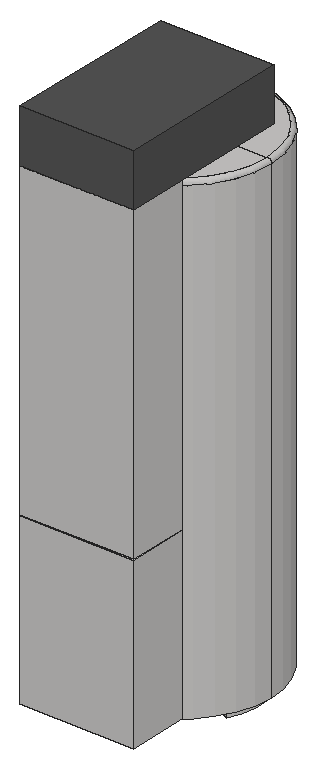
Revit family "StorageTank_Rheem_HeavyDutyGas_Outdoor_634265", category Mechanical Equipment, host Face, Revit 2020
Family settings
  Host = Face
  Round Connector Dimension = Use Diameter
  Part Type = Normal
  Cut with Voids When Loaded = No
  Shared = No
  Room Calculation Point = No
Parameters (values of type "Natural Gas")
  WeightNet_ANZRS = 144.00 kg  # constant formula
  Voltage_ANZRS = 240 V
  URL = "https://www.rheem.com.au/rheem/products/commercial"
  Type Comments = "410L first hour delivery @ 50°C rise"
  T&PRValveDiameter = 20 mm  # constant formula
  ProductCode_ANZRS = "634265"  # constant formula
  PowerFactor_ANZRS = 1
  ModifiedIssue_ANZRS = 20200723.01  # constant formula
  Model = "Rheem Heavy Duty Gas 265L - Outdoor"  # constant formula
  MinGasPressure = 1.13 kPa
  MaxWaterSupplyPressure_WithoutECV = 800.00 kPa  # constant formula
  MaxWaterSupplyPressure_WithECV = 680.00 kPa  # constant formula
  MaxStoredWaterTemperature = 82 °C  # constant formula
  Material_ANZRS = Metal-Steel-Rheem-Galvanised
  Manufacturer = "Rheem"  # constant formula
  K = 654 mm  # constant formula
  HourlyGasConsumption = 110000000 J
  Height_ANZRS = 1840 mm  # constant formula
  HWOutletDiameter = 32 mm  # constant formula
  GasConnectionDiameter = 20 mm  # constant formula
  G = 1661 mm  # constant formula
  Frequency_ANZRS = 50 Hz
  F = 340 mm  # constant formula
  E = 711 mm  # constant formula
  DrainDiameter = 20 mm  # constant formula
  Diameter_ANZRS = 610 mm  # constant formula
  Description = "Rheem Heavy Duty Gas water heaters have been designed to supply large quantities of hot water. The cylinder is protected by multiple anodes and a double layer of vitreous enamel."  # constant formula
  Default Elevation = 0 mm
  D = 1461 mm  # constant formula
  Radius = Diameter_ANZRS / 2  # 305 mm
  CreatedBy_ANZRS = "Design Content"  # constant formula
  CreatedByURL_ANZRS = "https://www.designcontent.com.au/"
  CW&PrimaryFlowDiameter = 32 mm  # constant formula
  Capacity_ANZRS = 265.0 L  # constant formula
  C = 745 mm  # constant formula
  B = Diameter_ANZRS  # 610 mm
  A = Height_ANZRS  # 1840 mm
Types (3, lengths in mm): name | Type Comments | MinGasPressure | HourlyGasConsumption
  (no name) | "410L first hour delivery @ 50°C rise" | 1.13 kPa | 110000000 J
  Natural Gas | "410L first hour delivery @ 50°C rise" | 1.13 kPa | 110000000 J
  Propane Gas | "380L first hour delivery @ 50°C rise" | 2.75 kPa | 100000000 J
Reference planes
  plane 1 "Center (Front/Back)": y = 0
  plane 2: z = 0
  plane 3 "Center (Left/Right)": x = 0
  plane 4: z = 0
  plane 5: z = 600
  plane 6 "CW Inlet": z = 711
  plane 7: z = 1661
  plane 8: z = 1840
  plane 9: x = -305
  plane 10: x = 305
  plane 11: z = 32
  plane 12: y = 305
  plane 13: y = -305
  plane 14: y = -335
  plane 15: x = 62.5
  plane 16: x = -62.5
  plane 17: y = -440
  plane 18: x = -191.5
  plane 19: x = 191.5
  plane 20: z = 57
  plane 21: through (0, 0, 1219.2) normal (0.5736, -0.8192, 0)
  plane 22: z = 1461
  plane 23: through (-286.2, -202.141, 1219.2) normal (0.809, 0.5878, 0)
  plane 24: through (-248.985, -175.103, 1219.2) normal (0.809, 0.5878, 0)
  plane 25: x = -315
  plane 26: z = 340
  plane 27 "Gas": y = -349
  plane 28: through (0, 0, 1219.2) normal (0.6691, -0.7431, 0)
  plane 29: x = -295
Forms (mm)
  Revolve 1, solid, material "Metal-Steel-Rheem-Galvanised" <- "Material_ANZRS", detail levels medium+fine
    sketch origin (0, 0, 0) x (1, 0, 0) y (0, 0, 1)
      loop
        line (0, 32) -> (305, 32) -> (305, 1661) -> (0, 1661) -> (0, 32)
      axis (0, 1661) -> (0, 32)
    angle from 0 to 360
  Extrusion 2, solid, material "Metal-Steel-Rheem-Galvanised" <- "Material_ANZRS"
    sketch origin (0, 0, 0) x (0, 1, 0) y (0, 0, 1)
      loop
        circle (0, 1461) r 16
      loop
        circle (0, 711) r 16
    from -315 to -295
  Extrusion 3, solid, material "Metal-Steel-Rheem-Galvanised" <- "Material_ANZRS"
    sketch origin (0, 0, 0) x (1, 0, 0) y (0, 1, 0)
      loop
        line (-191.5, -440) -> (191.5, -440) -> (191.5, -237.387)
        arc (191.5, -237.387) -> (0, -305) -> (-191.5, -237.387) r 305
        line (-191.5, -237.387) -> (-191.5, -440)
    from 32 to 600
  Extrusion 4, solid, material "Metal-Steel-Rheem-Galvanised" <- "Material_ANZRS"
    sketch origin (0, -2.5, 0) x (0, 1, 0) y (0, 0, 1)
      loop
        circle (-346.5, 340) r 10
    from -196.464 to -191.5
  Sweep 5, void
    path in 3D
      loop
        arc (-305, 0, 1661) -> (0, 305, 1661) -> (305, 0, 1661) r 305
        arc (305, 0, 1661) -> (0, -305, 1661) -> (-305, 0, 1661) r 305
    profile origin (0, -305, 1661) x (0, -1, 0) y (0, 0, 1)
      loop
        line (0, 0) -> (-15, 0)
        arc (-15, 0) -> (-4.393, -4.393) -> (0, -15) r 15
        line (0, -15) -> (0, 0)
  Extrusion 6, solid, material "Metal-Steel-Rheem-Galvanised" <- "Material_ANZRS", detail levels medium+fine
    sketch origin (0, 0, 0) x (1, 0, 0) y (0, 1, 0)
      loop
        line (-222.952, 103.964) -> (-245.609, 114.53)
        arc (-245.609, 114.53) -> (-271, 0) -> (-245.609, -114.53) r 271
        line (-245.609, -114.53) -> (-222.952, -103.964)
        arc (-222.952, -103.964) -> (-246, 0) -> (-222.952, 103.964) r 246
      loop
        arc (222.952, 103.964) -> (246, 0) -> (222.952, -103.964) r 246
        line (222.952, -103.964) -> (245.609, -114.53)
        arc (245.609, -114.53) -> (271, 0) -> (245.609, 114.53) r 271
        line (245.609, 114.53) -> (222.952, 103.964)
      loop
        line (-103.964, -222.952) -> (-114.53, -245.609)
        arc (-114.53, -245.609) -> (0, -271) -> (114.53, -245.609) r 271
        line (114.53, -245.609) -> (103.964, -222.952)
        arc (103.964, -222.952) -> (0, -246) -> (-103.964, -222.952) r 246
      loop
        arc (-103.964, 222.952) -> (0, 246) -> (103.964, 222.952) r 246
        line (103.964, 222.952) -> (114.53, 245.609)
        arc (114.53, 245.609) -> (0, 271) -> (-114.53, 245.609) r 271
        line (-114.53, 245.609) -> (-103.964, 222.952)
    from 0 to 32
  Extrusion 7, solid, material "Metal-Steel-Rheem-Galvanised" <- "Material_ANZRS", detail levels coarse
    sketch origin (0, 0, 0) x (1, 0, 0) y (0, 1, 0)
      loop
        circle (0, 0) r 305
    from 0 to 1661
  Extrusion 8, solid, material "Metal-Steel-Rheem-Black"
    sketch origin (0, 0, 0) x (1, 0, 0) y (0, 1, 0)
      loop
        line (-191.5, 152.5) -> (-191.5, -440) -> (191.5, -440) -> (191.5, 152.5) -> (-191.5, 152.5)
    from 1661 to 1840
  Extrusion 9, solid, material "Metal-Steel-Rheem-Galvanised" <- "Material_ANZRS"
    sketch origin (0, 0, 0) x (1, 0, 0) y (0, 1, 0)
      loop
        line (-191.5, -440) -> (191.5, -440) -> (191.5, -237.387)
        arc (191.5, -237.387) -> (0, -305) -> (-191.5, -237.387) r 305
        line (-191.5, -237.387) -> (-191.5, -440)
    from 603.877 to 1661
  Revolve 10, solid, material "Metal-Steel-Rheem-Galvanised" <- "Material_ANZRS"
    sketch origin (12.689, 11.03, 306) x (0.999848, -0.017452, 0) y (0.017452, 0.999848, 0)
      loop
        line (-240.994, -216.992) -> (-237.893, -214.2) -> (-251.307, -199.303) -> (-252.875, -200.871) -> (-252.875, -209.646) -> (-250.461, -212.06) -> (-247.685, -209.56) -> (-240.994, -216.992)
      axis (-237.893, -214.2) -> (-243.902, -219.611)
    angle from 0 to 360
Cuts and joins
  Sweep 5 cuts Revolve 1
  joined: Revolve 1, Extrusion 6
Lines and regions (mm)
  sketch lines
    curve 1: arc (305, 0, 1661) -> (0, -305, 1661) -> (-305, 0, 1661) r 305
    curve 2: arc (-305, 0, 1661) -> (0, 305, 1661) -> (305, 0, 1661) r 305
Dimensions and locks
  "E": plane 6 "CW Inlet" to host face
  "G": plane 7 to host face
  "A": plane 8 to host face
  equal spacing: plane 10, plane 3 "Center (Left/Right)", plane 9
  "Diameter_ANZRS": plane 10 to plane 9
  locked: plane 11 to plane 4 at 32
  equal spacing: plane 12, plane 1 "Center (Front/Back)", plane 13
  "B": plane 12 to plane 13
  locked: plane 14 to plane 13 at 30
  "C": plane 12 to plane 17
  locked: plane 20 to plane 11 at 25
  locked: plane 24 to plane 23 at 46
  locked: plane 25 to plane 9 at 10
  "D": plane 22 to host face
  "K": plane 12 to plane 27 "Gas"
  plane 26 to host face = 340 mm
  plane 5 to host face = 600 mm
  "F": plane 26 to host face
  locked: plane 9 to plane 29 at 10
  locked: plane 5 to plane 4 at 600
  equal spacing: plane 12, Extrusion 8 sketch curve, plane 1 "Center (Front/Back)"
  radius of Extrusion 2 sketch curve = 16 mm  (x2)
  radius of Extrusion 4 sketch curve = 10 mm
  radius of Sweep 5 sketch curve = 15 mm
  "B": diameter of Extrusion 7 sketch curve
  locked: plane 1 "Center (Front/Back)" to plane 21 (angle 35.00°)
  locked: plane 1 "Center (Front/Back)" to plane 28 (angle 42.00°)
  aligned and locked: plane 2 to host face
  aligned and locked: level to host face
  aligned and locked: Revolve 1 sketch curve to plane 3 "Center (Left/Right)"
  aligned and locked: Revolve 1 sketch curve to plane 10
  aligned and locked: Revolve 1 sketch curve to plane 11
  aligned and locked: plane 7 to Revolve 1 sketch curve
  aligned and locked: plane 1 "Center (Front/Back)" to Extrusion 2 sketch curve  (x2)
  aligned and locked: plane 22 to Extrusion 2 sketch curve
  aligned and locked: plane 6 "CW Inlet" to Extrusion 2 sketch curve
  aligned and locked: Extrusion 2 to plane 25
  aligned and locked: plane 18 to Extrusion 3 sketch curve
  aligned and locked: plane 17 to Extrusion 3 sketch curve
  aligned and locked: Extrusion 3 sketch curve to plane 19
  aligned and locked: plane 5 to Extrusion 3
  aligned and locked: Extrusion 3 to plane 11
  aligned and locked: plane 26 to Extrusion 4 sketch curve
  aligned and locked: plane 29 to Extrusion 2
  aligned and locked: plane 11 to Extrusion 6
  aligned and locked: Extrusion 6 to plane 4
  aligned and locked: plane 3 "Center (Left/Right)" to Extrusion 7 sketch curve
  aligned and locked: plane 1 "Center (Front/Back)" to Extrusion 7 sketch curve
  aligned and locked: plane 7 to Extrusion 7
  aligned and locked: Extrusion 7 to plane 4
  aligned and locked: plane 21 to nested 1
  aligned and locked: Extrusion 3 sketch curve to Extrusion 7
  aligned and locked: plane 18 to Extrusion 4
  aligned and locked: plane 27 "Gas" to Extrusion 4 sketch curve
  aligned and locked: Extrusion 8 sketch curve to plane 18
  aligned and locked: Extrusion 8 sketch curve to plane 19
  aligned and locked: Extrusion 8 sketch curve to plane 17
  aligned and locked: plane 8 to Extrusion 8
  aligned and locked: Extrusion 8 to plane 7
  aligned and locked: Extrusion 9 sketch curve to plane 17
  aligned and locked: Extrusion 9 sketch curve to plane 18
  aligned and locked: Extrusion 9 sketch curve to plane 19
  aligned and locked: Extrusion 9 sketch curve to Extrusion 7
  aligned and locked: Extrusion 7 to Extrusion 9
  aligned and locked: Revolve 10 sketch curve to Revolve 10 sketch curve
Automatic sketch dimensions
  host sketch curve to host sketch curve = 2438.4 mm  (x2)
  Revolve 1 sketch curve to plane 3 "Center (Left/Right)" = 0 mm
  Revolve 1 sketch curve to level = 609.6 mm
  plane 8 to Revolve 1 sketch curve = 949.058 mm
  Sweep 5 sketch curve to profile plane = 0 mm  (x2)
  Extrusion 6 sketch curve to Extrusion 6 sketch curve = 0 mm  (x56)
  plane 1 "Center (Front/Back)" to Extrusion 6 sketch curve = 0 mm
  Extrusion 6 sketch curve to plane 3 "Center (Left/Right)" = 0 mm
  plane 16 to Extrusion 6 sketch curve = 41.464 mm  (x2)
  Extrusion 6 sketch curve to Extrusion 6 sketch curve = 10.565 mm  (x6)
  Extrusion 6 sketch curve to plane 18 = 31.452 mm  (x2)
  Extrusion 6 sketch curve to Extrusion 6 sketch curve = 22.658 mm  (x6)
  plane 15 to Extrusion 6 sketch curve = 41.464 mm  (x2)
  Extrusion 6 sketch curve to plane 19 = 31.452 mm  (x2)
  plane 1 "Center (Front/Back)" to Extrusion 6 sketch curve = 103.964 mm  (x2)
  Extrusion 6 sketch curve to plane 13 = 82.048 mm
  Extrusion 6 sketch curve to plane 12 = 82.048 mm
  Revolve 10 sketch curve to plane 24 = 1.737 mm
  plane 21 to Revolve 10 sketch curve = 12.114 mm
  Revolve 10 sketch curve to Revolve 10 sketch curve = 1.568 mm
  Revolve 10 sketch curve to Revolve 10 sketch curve = 2.414 mm  (x2)
  Revolve 10 sketch curve to Revolve 10 sketch curve = 2.776 mm
  Revolve 10 sketch curve to Revolve 10 sketch curve = 6.691 mm
  Revolve 10 sketch curve to Revolve 10 sketch curve = 3.1 mm
  Revolve 10 sketch curve to Revolve 10 sketch curve = 8.69 mm
  Revolve 10 sketch curve to Revolve 10 sketch curve = 0.085 mm
  Revolve 10 sketch curve to Revolve 10 sketch curve = 4.331 mm
  Revolve 10 sketch curve to Revolve 10 sketch curve = 0 mm
Nested families
  nested 1: "X_Rheem_Valve" at (-270.656, -189.515, 1461) x (0.5736, -0.8192, 0) z (0, 0, 1), built-in parameter 1001364 <- "D", type "Standard"
Connectors
  piping at (-276.915, -193.898, 1431.926), diameter 20, driven by "T&PRValveDiameter"
    settings: on nested 1, index 3, connector inside diameter 609.6 mm, connector length 0 mm, flow factor 0, pipe flow 0 L/s, pressure drop 0.00 kPa, fitting loss kfactor 0, connector angle 0.00°, fixture units 0, engagement length 0 mm, angle of deflection 0.00°, flow configuration 1, flow direction 2, fitting loss method 0, system type 16, joint type 0, gender type 0, connector reference index -1, connector utility 0, adjustable connector no, is connector primary yes, connector description ""
  piping at (-315, 0, 1461), diameter 32, driven by "HWOutletDiameter"
    settings: on Extrusion 2, index 4, connector inside diameter 609.6 mm, connector length 0 mm, flow factor 0, pipe flow 0 L/s, pressure drop 0.00 kPa, fitting loss kfactor 0, connector angle 0.00°, fixture units 0, engagement length 0 mm, angle of deflection 0.00°, flow configuration 1, flow direction 2, fitting loss method 0, system type 19, joint type 0, gender type 0, connector reference index -1, connector utility 0, adjustable connector no, is connector primary no, connector description "HW Out"
  piping at (-315, 0, 711), diameter 32, driven by "CW&PrimaryFlowDiameter"
    settings: on Extrusion 2, index 5, connector inside diameter 609.6 mm, connector length 0 mm, flow factor 0, pipe flow 0 L/s, pressure drop 0.00 kPa, fitting loss kfactor 0, connector angle 0.00°, fixture units 0, engagement length 0 mm, angle of deflection 0.00°, flow configuration 1, flow direction 1, fitting loss method 0, system type 20, joint type 0, gender type 0, connector reference index -1, connector utility 0, adjustable connector no, is connector primary no, connector description "CW In"
  electrical at (191.5, -338.694, 316), driven by "Voltage_ANZRS", driven by "PowerFactor_ANZRS"
    settings: on Extrusion 3, index 6, voltage 240 V, apparent load 0 VA, apparent load phase1 0 VA, apparent load phase2 0 VA, apparent load phase3 0 VA, power factor 1, load classification "Power", number of poles 1, system type 31, power factor state 1, is connector primary yes, connector utility no, sub classification motor no, connector description ""
  piping at (-196.464, -349, 340), diameter 20, driven by "GasConnectionDiameter"
    settings: on Extrusion 4, index 7, connector inside diameter 609.6 mm, connector length 0 mm, flow factor 0, pipe flow 0 L/s, pressure drop 0.00 kPa, fitting loss kfactor 0, connector angle 0.00°, fixture units 0, engagement length 0 mm, angle of deflection 0.00°, flow configuration 0, flow direction 1, fitting loss method 0, system type 22, joint type 0, gender type 0, connector reference index -1, connector utility 0, adjustable connector no, is connector primary no, connector description "Gas In"
  piping at (-232.056, -201.723, 306), diameter 20, driven by "DrainDiameter"
    settings: on Revolve 10, index 11, connector inside diameter 609.6 mm, connector length 0 mm, flow factor 0, pipe flow 0 L/s, pressure drop 0.00 kPa, fitting loss kfactor 0, connector angle 0.00°, fixture units 0, engagement length 0 mm, angle of deflection 0.00°, flow configuration 0, flow direction 2, fitting loss method 0, system type 17, joint type 0, gender type 0, connector reference index -1, connector utility 0, adjustable connector no, is connector primary no, connector description "Drain"
Definition of nested family "X_Rheem_Valve"
  Parameters
    Material_ANZRS = none
    Default Elevation = 0 mm
    Assembly Code = ""
  Reference planes
    plane 1 "Center (Front/Back)": y = 0
    plane 2: z = 0
    plane 3 "Center (Left/Right)": x = 0
  Forms (mm)
    Extrusion 1, solid, material <- "Material_ANZRS"
      sketch origin (0, 0, 0) x (1, 0, 0) y (0, 1, 0)
        loop
          circle (0, -7.641) r 10
      from 0 to -29.074
    Revolve 2, solid, material <- "Material_ANZRS"
      sketch origin (0, 0, 0) x (1, 0, 0) y (0, 1, 0)
        loop
          line (-27.668, 40) -> (-27.668, 25.616) -> (-18.681, 20) -> (-9.939, 20) -> (-9.939, -20) -> (0, -20) -> (0, 40) -> (-27.668, 40)
        axis (0, 40) -> (0, -20)
      angle from 0 to 360
  Dimensions and locks
    aligned and locked: level to plane 2
